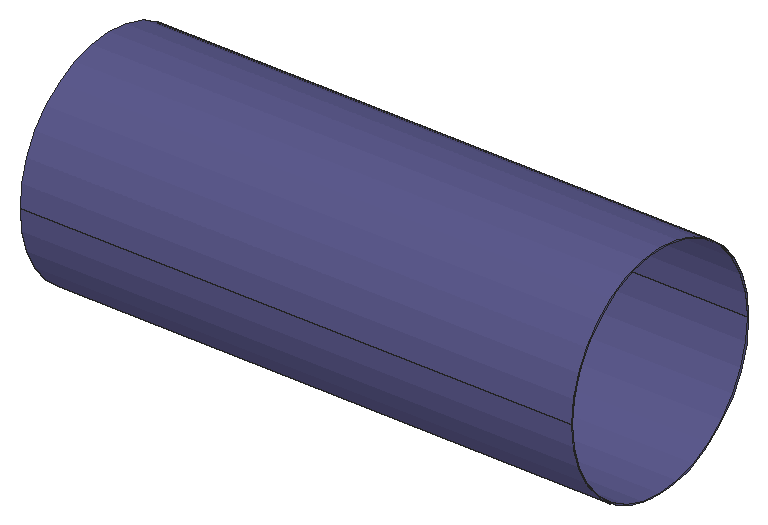
Revit family "FabricDuct_RoundDiffuser_DuctSox_Verona", category Air Terminals, Revit 2017
Family settings
  Round Connector Dimension = Use Radius
  Part Type = Normal
  OmniClass Number = 23.75.70.14
  OmniClass Title = Air Ductwork
  Work Plane-Based = No
  Always vertical = No
  Cut with Voids When Loaded = No
  Shared = No
  Room Calculation Point = No
Parameters (values of type "Blue")
  Use Annotation Scale [instance] = 0
  URL = "http://www.ductsox.com/"
  Type Comments = "Round Endcap Diffuser"
  Specification = "http://www.arcat.com/sd/clients/ductsox.html?coid=38595"
  Sales Information = "https://www.ductsox.com/rep-locator"
  Revision = "R1_03-2018"
  Radius [instance] = 24"
  Product Properties = "http://www.ductsox.com/products"
  Product Data = "https://www.arcat.com/arcatcos/cos38/arc38595.html"
  Model = "Sedona-Xm"
  Manufacturer Website = "http://www.ductsox.com/"
  Manufacturer Phone - Toll Free = "866-382-8769"
  Manufacturer Phone = "563-588-5300"
  Manufacturer Fax = "563-588-5330"
  Manufacturer Address = "4343 Chavenelle Rd., Dubuque, IA 52002"
  Manufacturer = "DuctSox"
  Loss Coefficient [instance] = if((SkeleCore FTS internal frame), 0.0056, 0.0004)  # 0.0056
  Length [instance] = 120"
  Keynote = "15810"
  Installation-Fabrication = "http://www.ductsox.com/commercial-and-industrial-applications-ductsox-fabric-ductwork"
  IRad [instance] = Radius - 0' 0 1/8"  # 1' - 11 7/8"
  Green Building-LEED = "https://www.arcat.com/green/clients/leed_data_38595.html"
  SkeleCore FTS internal frame [instance] = yes
  Fabric Color = Fabric_Blue
  Drawn By = "Sumex Design, Inc. / Robert S. Weygant, CSI, CDT, SCIP"
  Description = "DuctSox Sedona-Xm Round Endcap Diffuser"
  Copyright = "©Arcat Inc."
  Construction Details = "https://www.ductsox.com/media-library"
  Assembly Code = "D3040100"
  Air Flow [instance] = 249.92 CFM
Types (7): name | Radius | IRad | Fabric Color | Air Flow
  Black | 24" | 1' - 11 7/8" | Fabric_Black | 249.92 CFM
  Silver | 24" | 1' - 11 7/8" | Fabric_Silver | 249.92 CFM
  White | 24" | 1' - 11 7/8" | Fabric_White | 249.92 CFM
  Green | 24" | 1' - 11 7/8" | Fabric_Green | 249.92 CFM
  Blue | 24" | 1' - 11 7/8" | Fabric_Blue | 249.92 CFM
  Red | 12" | 0' - 11 7/8" | Fabric_Red | 124.96 CFM
  Tan | 24" | 1' - 11 7/8" | Fabric_Tan | 249.92 CFM
Reference planes (in)
  plane 1 "Center (Front/Back)": y = 0
  plane 2: z = 0
  plane 3 "Center (Left/Right)": x = 0
  plane 4: x = 120
  plane 5: y = 24
  plane 6: y = -24
  plane 7: x = 4
  plane 8: x = 116
Forms (in)
  Sweep 1, solid, material "Fabric_Blue" <- "Fabric Color", detail levels medium+fine
    path in 3D
      loop
        line (0, 0, 0) -> (120, 0, 0)
    profile origin (60, 0, 0) x (0, 1, 0) y (0, 0, 1)
      loop
        circle (0, 0) r 24
      loop
        circle (0, 0) r 23.875
Lines and regions (in)
  reference lines
    curve 1: line (0, 0, 0) -> (120, 0, 0)
    curve 2: line (0, 0, 0) -> (121, 0, 0)
  sketch lines
    curve 3: line (0, 0, 0) -> (120, 0, 0)
  model lines, detail levels coarse
    curve 4: line (0, 24, 0) -> (0, -24, 0)
    curve 5: line (120, 24, 0) -> (120, -24, 0)
    curve 6: line (0, 24, 0) -> (120, 24, 0)
    curve 7: line (0, -24, 0) -> (120, -24, 0)
Dimensions and locks (in)
  "Length": plane 3 "Center (Left/Right)" to plane 4
  "Radius": plane 1 "Center (Front/Back)" to plane 5
  "Radius": plane 1 "Center (Front/Back)" to plane 6
  plane 7 to plane 3 "Center (Left/Right)" = 0' - 4"
  plane 4 to plane 8 = 0' - 4"
  "Radius": radius of Sweep 1 sketch curve
  "IRad": radius of Sweep 1 sketch curve
  aligned and locked: plane 4 to curve 1
  aligned and locked: plane 3 "Center (Left/Right)" to curve 1
  aligned and locked: plane 3 "Center (Left/Right)" to curve 2
  aligned and locked: curve 4 to plane 3 "Center (Left/Right)"
  aligned and locked: plane 1 "Center (Front/Back)" to curve 1
  aligned and locked: plane 1 "Center (Front/Back)" to Sweep 1 sketch curve  (x2)
  aligned and locked: curve 4 to Sweep 1 sketch curve
  aligned and locked: level to Sweep 1 sketch curve
  aligned and locked: curve 5 to plane 4
  aligned and locked: curve 7 to plane 6
  aligned and locked: curve 6 to plane 5
Automatic sketch dimensions
  curve 2 to plane 1 "Center (Front/Back)" = 0' - 0"
  curve 1 to curve 2 = 0' - 1"
Connectors (in)
  hvac at (0, 0, 0), driven by "Radius", driven by "Air Flow", driven by "Loss Coefficient"
    settings: on Sweep 1, index 1, duct flow 249.92 CFM, flow factor 1, pres drop 0.00 in-wg, loss coef 0.0056, conn angle 0.00°, conn width 12", conn height 12", conn diameter 48", duct sys type 1, conn prof type 0, flow config 1, flow direction 1, loss method 4, conn ref index 2, conn util no, is conn primary yes, conn desc ""
  hvac at (120, 0, 0), driven by "Radius", driven by "Loss Coefficient", driven by "Air Flow"
    settings: on Sweep 1, index 2, duct flow 249.92 CFM, flow factor 0, pres drop 0.00 in-wg, loss coef 0.0056, conn angle 0.00°, conn width 12", conn height 12", conn diameter 48", duct sys type 29, conn prof type 0, flow config 1, flow direction 2, loss method 4, conn ref index 1, conn util no, is conn primary no, conn desc ""
